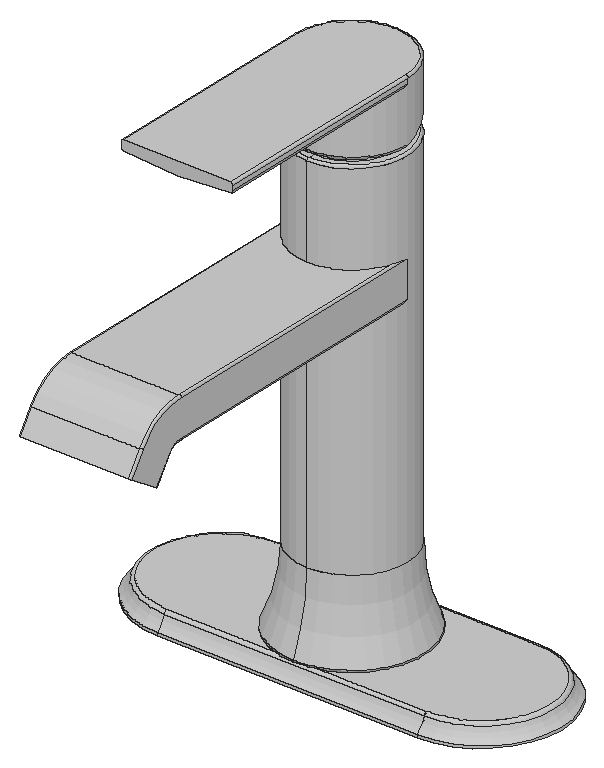
Revit family "Bathroom_Faucet-Moen-Genta-1H_Lav-6702", category Plumbing Fixtures, host Face, Revit 2020
Family settings
  Host = Face
  Round Connector Dimension = Use Radius
  Part Type = Normal
  OmniClass Number = 23.45.55.17
  OmniClass Title = Mixing Faucets
  Cut with Voids When Loaded = No
  Shared = No
  Room Calculation Point = No
Parameters (values of type "1H Lav - 6702")
  Width = 0' - 5 7/8"  # constant formula
  Waste Connection = yes
  WFU = 0
  Version = "2014 - v1.0a"  # constant formula
  Vent Connection = yes
  URL = "http://pro.moen.com/"
  Type Comments = ""
  Product data url = "https://bimobject.com/moen/product/moen-6702"
  Product Page URL = "http://pro.moen.com/genta/chrome-one-handle-bathroom-faucet/_/R-TPORTAL-ALL%3A6702"
  Product Documentation Link = "http://pro.moen.com/shared/docs/product-specifications/6702sp.pdf"
  Model = "6702"  # constant formula
  Material = ""
  Manufacturer Phone Number = "(800) 531-1600"  # constant formula
  Manufacturer Fax Number = "(800) 848-6636"  # constant formula
  Manufacturer Email = "mailto:moencustomerservicewholesaleUS@moen.com"
  Manufacturer Address = "U.S. Headquarters: Moen Incorporated 25300 Al Moen Dr., North Olmsted, Ohio 44070-8022"  # constant formula
  Manufacturer = "Moen"  # constant formula
  Hot Water Radius = 3/16"
  Hot Water Diameter = Hot Water Radius * 2  # 3/8"
  Height [instance] = if(Escutcheon Plate, 0' 7 7/16", 0' 7 5/32")  # 0' - 7 7/16"
  HWFU = 0
  HW Connection = yes
  Flow Rate = 1.20 GPM
  Finish = Metal - Moen - Chrome
  Escutcheon Plate [instance] = yes
  Escutcheon Height [instance] = if(Escutcheon Plate, 0' 0 1/4", 0' 0")  # 0' - 0 1/4"
  Domestic Water Flow Rate = Flow Rate  # 1.20 GPM
  Description = "Genta Chrome One-Handle Bathroom Faucet"  # constant formula
  Depth = 0' - 5 31/32"  # constant formula
  Default Elevation = 4' - 0"
  Copyright = "Moen Incorporated"  # constant formula
  Cold Water Radius = 3/16"
  Cold Water Diameter = Cold Water Radius * 2  # 3/8"
  CWFU = 0
  CW Connection = yes
  Assembly Code = "D2010900"
Reference planes (in)
  plane 1 "Center (Front/Back)": y = 0
  plane 2: z = 0
  plane 3 "Center (Left/Right)": x = 0
  plane 4 "Escutcheon Base Plane": z = 0
  plane 5 "Escutcheon Top Plane": z = 0.25
Forms (in)
  Sweep 1, solid, material "Metal - Moen - Chrome" <- "Finish", visible <- "Escutcheon Plate"
    path origin (0, -79.70833, 0) x (0, -1, 0) y (1, 0, 0)
      loop
        arc (-78.58333, 1.8125) -> (-79.70833, 2.9375) -> (-80.83333, 1.8125) r 1.125
        line (-80.83333, 1.8125) -> (-80.83333, -1.8125)
        arc (-80.83333, -1.8125) -> (-79.70833, -2.9375) -> (-78.58333, -1.8125) r 1.125
        line (-78.58333, -1.8125) -> (-78.58333, 1.8125)
    profile origin (0, -1.125, 0) x (0, -1, 0) y (0, 0, 1)
      loop
        line (-0.1771, 0.25) -> (-0.1771, 0) -> (0, 0) -> (0, 0.03451)
        arc (0, 0.03451) -> (-0.07367, 0.11434) -> (-0.12182, 0.21172) r 0.38089
        arc (-0.12182, 0.21172) -> (-0.14302, 0.24016) -> (-0.1771, 0.25) r 0.05562
  Extrusion 2, solid, material "Metal - Moen - Chrome" <- "Finish", visible <- "Escutcheon Plate"
    sketch origin (0, -79.70833, 0) x (0, -1, 0) y (1, 0, 0)
      loop
        line (-78.76043, -1.8125) -> (-78.76043, 1.8125)
        arc (-78.76043, 1.8125) -> (-79.70833, 2.7604) -> (-80.65623, 1.8125) r 0.9479
        line (-80.65623, 1.8125) -> (-80.65623, -1.8125)
        arc (-80.65623, -1.8125) -> (-79.70833, -2.7604) -> (-78.76043, -1.8125) r 0.9479
    from 0 to 0.25
  Revolve 3, solid, material "Metal - Moen - Chrome" <- "Finish"
    sketch origin (0, 0, 0) x (0, 1, 0) y (0, 0, 1)
      loop
        line (0, 0.25) -> (0, 6.747) -> (-0.42411, 6.747)
        arc (-0.42411, 6.747) -> (-0.58727, 6.65519) -> (-0.65602, 6.48105) r 0.27982
        line (-0.65602, 6.48105) -> (-0.65602, 6.4498) -> (-0.74875, 6.4498)
        arc (-0.74875, 6.4498) -> (-0.77085, 6.44065) -> (-0.78, 6.41855) r 0.03125
        line (-0.78, 6.41855) -> (-0.78, 1.337)
        arc (-0.78, 1.337) -> (-0.83908, 0.793) -> (-1.01358, 0.27437) r 2.53387
        arc (-1.01358, 0.27437) -> (-1.01122, 0.25592) -> (-0.99358, 0.25) r 0.01752
        line (-0.99358, 0.25) -> (0, 0.25)
      axis (0, 0.25) -> (0, 6.747)
    angle from 0 to 360
  Revolve 4, solid, material "Metal - Moen - Chrome"
    sketch origin (0, 0, 0) x (0, 1, 0) y (0, 0, 1)
      loop
        arc (-0.78, 6.56005) -> (-0.77085, 6.53795) -> (-0.74875, 6.5288) r 0.03125
        line (-0.74875, 6.5288) -> (0, 6.5288) -> (0, 7.41282) -> (-0.74875, 7.41282)
        arc (-0.74875, 7.41282) -> (-0.77085, 7.40367) -> (-0.78, 7.38157) r 0.03125
        line (-0.78, 7.38157) -> (-0.78, 6.56005)
      axis (0, 7.41282) -> (0, 6.5288)
    angle from 0 to 360
  Sweep 5, solid, material "Metal - Moen - Chrome"
    path origin (0, 0, 0) x (0, 1, 0) y (0, 0, 1)
      loop
        line (-3.04688, 7.41282) -> (0, 7.41282)
    profile origin (0, -1.52344, 7.41282) x (0, 0, 1) y (1, 0, 0)
      loop
        line (0, -0.74875) -> (0, 0.74875)
        arc (0, 0.74875) -> (-0.00915, 0.77085) -> (-0.03125, 0.78) r 0.03125
        line (-0.03125, 0.78) -> (-0.09831, 0.78)
        arc (-0.09831, 0.78) -> (-0.11864, 0.77249) -> (-0.12919, 0.75356) r 0.03125
        arc (-0.12919, 0.75356) -> (-0.1875, 0) -> (-0.12919, -0.75356) r 4.89845
        arc (-0.12919, -0.75356) -> (-0.11864, -0.77249) -> (-0.09831, -0.78) r 0.03125
        line (-0.09831, -0.78) -> (-0.03125, -0.78)
        arc (-0.03125, -0.78) -> (-0.00915, -0.77085) -> (0, -0.74875) r 0.03125
  Extrusion 6, void
    sketch origin (0, 0, 0) x (0, 1, 0) y (0, 0, 1)
      loop
        line (-0.26235, 6.4498) -> (0.9375, 6.4498) -> (0.9375, 6.91823) -> (-0.26235, 6.4498)
    from -1 to 1
  Sweep 7, solid, material "Metal - Moen - Chrome" <- "Finish"
    path origin (0, 0, 0) x (0, 1, 0) y (0, 0, 1)
      loop
        line (-4.5625, 4.3125) -> (-4.3695, 4.60409)
        arc (-4.3695, 4.60409) -> (-4.18922, 4.76857) -> (-3.95256, 4.82812) r 0.5
        line (-3.95256, 4.82812) -> (0, 4.82812)
    profile origin (0, -1.97628, 4.82812) x (0, 0, 1) y (1, 0, 0)
      loop
        arc (0.32812, 0.74875) -> (0.31897, 0.77085) -> (0.29687, 0.78) r 0.03125
        line (0.29687, 0.78) -> (-0.20974, 0.78)
        arc (-0.20974, 0.78) -> (-0.22913, 0.77325) -> (-0.24015, 0.75593) r 0.03125
        arc (-0.24015, 0.75593) -> (-0.32812, 0) -> (-0.24015, -0.75593) r 3.29167
        arc (-0.24015, -0.75593) -> (-0.22913, -0.77325) -> (-0.20974, -0.78) r 0.03125
        line (-0.20974, -0.78) -> (0.29687, -0.78)
        arc (0.29687, -0.78) -> (0.31897, -0.77085) -> (0.32813, -0.74875) r 0.03125
        line (0.32813, -0.74875) -> (0.32812, 0.74875)
Cuts and joins
  joined: Sweep 1, Extrusion 2
  Extrusion 6 cuts Revolve 4
  Extrusion 6 cuts Sweep 5
  joined: Revolve 4, Sweep 5
  joined: Revolve 3, Sweep 7
Lines and regions (in)
  Split face 1
    outline origin (0, -4.5625, 4.3125) x (0, 0.833886, -0.551937) y (1, 0, 0)
      loop
        line (-0.26562, 0.7175) -> (-0.26562, -0.7175) -> (0.1849, -0.7175)
        arc (0.1849, -0.7175) -> (0.26562, 0) -> (0.1849, 0.7175) r 3.22917
        line (0.1849, 0.7175) -> (-0.26562, 0.7175)
  Split face 2
    outline origin (0, 0, 0.25) x (-1, 0, 0) y (0, -1, 0)
      loop
        circle (0.5, 0) r 0.1875
  Split face 3
    outline origin (0, 0, 0.25) x (-1, 0, 0) y (0, -1, 0)
      loop
        circle (-0.5, 0) r 0.1875
  Masking region 1, visible <- "Escutcheon Plate", detail levels medium+fine
    outline origin (0, -79.70833, 0) x (0, -1, 0) y (1, 0, 0)
      loop
        line (-80.83333, 1.8125) -> (-80.83333, -1.8125)
        arc (-80.83333, -1.8125) -> (-79.70833, -2.9375) -> (-78.58333, -1.8125) r 1.125
        line (-78.58333, -1.8125) -> (-78.58333, 1.8125)
        arc (-78.58333, 1.8125) -> (-79.70833, 2.9375) -> (-80.83333, 1.8125) r 1.125
  Masking region 2, detail levels medium+fine
    outline origin (0, -79.70833, 0) x (0, -1, 0) y (1, 0, 0)
      loop
        arc (-79.09273, 0.7799) -> (-80.70191, -0.00002) -> (-79.09271, -0.77988) r 0.99358
        line (-79.09271, -0.77988) -> (-74.87239, -0.77988) -> (-74.87239, 0.7799) -> (-79.09273, 0.7799)
  Masking region 3, detail levels coarse
    outline origin (0, -79.70833, 0) x (0, -1, 0) y (1, 0, 0)
      loop
        arc (-80.83333, -1.8125) -> (-79.70833, -2.9375) -> (-78.58333, -1.8125) r 1.125
        line (-78.58333, -1.8125) -> (-78.58333, -0.77988) -> (-74.87239, -0.77988) -> (-74.87239, 0.7799) -> (-78.58333, 0.7799) -> (-78.58333, 1.8125)
        arc (-78.58333, 1.8125) -> (-79.70833, 2.9375) -> (-80.83333, 1.8125) r 1.125
        line (-80.83333, 1.8125) -> (-80.83333, -1.8125)
  symbolic lines, visible <- "Escutcheon Plate", detail levels fine
    curve 1: line (-1.8125, 0.95273, 0) -> (1.8125, 0.95273, 0)
    curve 2: arc (-1.8125, -0.95273, 0) -> (-2.76523, 0, 0) -> (-1.8125, 0.95273, 0) r 0.95273
    curve 3: arc (1.8125, 0.95273, 0) -> (2.76523, 0, 0) -> (1.8125, -0.95273, 0) r 0.95273
    curve 4: line (1.8125, -0.95273, 0) -> (-1.8125, -0.95273, 0)
  symbolic lines, detail levels fine
    curve 5: line (-0.77988, -0.61562, 0) -> (-0.77988, 0, 0)
    curve 6: line (0.7799, -0.6156, 0) -> (0.77988, 0, 0)
    curve 7: arc (0.77988, 0, 0) -> (0, 0.77988, 0) -> (-0.77988, 0, 0) r 0.77988
    curve 8: line (0.7799, -3.04688, 0) -> (-0.77988, -3.04688, 0)
Dimensions and locks (in)
  locked: plane 5 "Escutcheon Top Plane" to plane 4 "Escutcheon Base Plane" at 0.25
  "Escutcheon Height": plane 5 "Escutcheon Top Plane" to plane 2
  locked: profile plane to plane 1 "Center (Front/Back)" at 1.125
  Sweep 1 sketch curve to profile plane to Sweep 1 sketch curve to Sweep 1 sketch curve = 0' - 0.24021" locked, 0' - 0.17469" locked, 0' - 0.00241" locked
  Sweep 1 sketch curve to Sweep 1 sketch curve to plane 4 "Escutcheon Base Plane" = 0' - 0.13567" locked, 0' - 0.19443" locked
  locked: Sweep 5 sketch curve to plane 5 "Escutcheon Top Plane" at 7.16282
  locked: Sweep 5 sketch curve to plane 1 "Center (Front/Back)" at 3.04688
  Sweep 5 sketch curve to Sweep 5 sketch curve to Sweep 5 sketch curve to Sweep 5 sketch curve to Sweep 5 sketch curve to Sweep 5 sketch curve to plane 5 "Escutcheon Top Plane" = 0' - 4 91/128" locked, 0' - 0 1/32" locked, 0' - 0" locked, 0' - 0.06706" locked, 0' - 0" locked, 0' - 7.06451" locked
  Sweep 5 sketch curve to plane 3 "Center (Left/Right)" to Sweep 5 sketch curve = 0' - 0.78" locked, 0' - 0.78" locked
  locked: plane 1 "Center (Front/Back)" to Extrusion 6 sketch curve at 0.9375
  locked: Extrusion 6 sketch curve to Extrusion 6 sketch curve at 0.43636
  equal spacing: Extrusion 6, plane 3 "Center (Left/Right)", Extrusion 6, locked at 1 each
  Sweep 7 sketch curve to Sweep 7 sketch curve to Sweep 7 sketch curve to Sweep 7 sketch curve to Sweep 7 sketch curve to plane 5 "Escutcheon Top Plane" = 0' - 2.66667" locked, 0' - 0" locked, 0' - 0.50661" locked, 0' - 0" locked, 0' - 4.36839" locked
  Sweep 7 sketch curve to plane 3 "Center (Left/Right)" to Sweep 7 sketch curve = 0' - 0.78" locked, 0' - 0.78" locked
  Sweep 7 sketch curve to Sweep 7 sketch curve to Sweep 7 sketch curve to plane 1 "Center (Front/Back)" = 0' - 0.193" locked, 0' - 0.41694" locked, 0' - 3.95256" locked
  Sweep 7 sketch curve to Sweep 7 sketch curve to Sweep 7 sketch curve to plane 5 "Escutcheon Top Plane" = 0' - 0 1/2" locked, 0' - 0 1/64" locked, 0' - 4 1/16" locked
  Split face 1 sketch curve to Split face 1 sketch curve to plane 5 "Escutcheon Top Plane" = 0' - 1.48908" locked, 0' - 4.20911" locked
  equal spacing: Split face 1 sketch curve, plane 3 "Center (Left/Right)", Split face 1 sketch curve, locked at 0.7175 each
  Revolve 3 sketch curve to Revolve 3 sketch curve to Revolve 3 sketch curve to Revolve 3 sketch curve to Revolve 3 sketch curve to Revolve 3 sketch curve to plane 1 "Center (Front/Back)" = 0' - 2.31619" locked, 0' - 0.21768" locked, 0' - 0 1/32" locked, 0' - 0.09273" locked, 0' - 0.27965" locked, 0' - 0.37637" locked
  Revolve 3 sketch curve to Revolve 3 sketch curve to Revolve 3 sketch curve to Revolve 3 sketch curve to Revolve 3 sketch curve to Revolve 3 sketch curve to plane 5 "Escutcheon Top Plane" = 0' - 0.27572" locked, 0' - 0.02148" locked, 0' - 0 1/32" locked, 0' - 5.08155" locked, 0' - 1.06997" locked, 0' - 0.01703" locked
  plane 3 "Center (Left/Right)" to Split face 3 sketch curve to Split face 3 sketch curve = 0' - 0 1/2" locked, 0' - 0 3/16" locked
  Split face 2 sketch curve to Split face 2 sketch curve to plane 3 "Center (Left/Right)" = 0' - 0 3/16" locked, 0' - 0 1/2" locked
  Masking region 2 sketch curve to plane 1 "Center (Front/Back)" = 0' - 4 107/128"
  locked: Sweep 1 sketch curve to plane 3 "Center (Left/Right)" at 1.8125
  locked: plane 3 "Center (Left/Right)" to Sweep 1 sketch curve at 1.8125
  locked: Sweep 1 sketch curve to plane 3 "Center (Left/Right)" at 2.9375
  locked: plane 3 "Center (Left/Right)" to Sweep 1 sketch curve at 2.9375
  locked: plane 1 "Center (Front/Back)" to Sweep 1 sketch curve at 1.125
  locked: Sweep 1 sketch curve to plane 1 "Center (Front/Back)" at 1.125
  locked: Revolve 4 sketch curve to plane 1 "Center (Front/Back)" at 0.74875  (x2)
  locked: Revolve 4 sketch curve to plane 1 "Center (Front/Back)" at 0.78
  locked: Revolve 4 sketch curve to plane 5 "Escutcheon Top Plane" at 7.13157
  locked: Revolve 4 sketch curve to plane 5 "Escutcheon Top Plane" at 6.31005
  locked: Revolve 4 sketch curve to plane 5 "Escutcheon Top Plane" at 7.16282
  aligned and locked: plane 2 to host face
  aligned and locked: level to host face
  aligned and locked: profile plane to plane 4 "Escutcheon Base Plane"
  aligned and locked: plane 4 "Escutcheon Base Plane" to Sweep 1 sketch curve
  aligned and locked: Sweep 1 sketch curve to profile plane
  aligned and locked: Extrusion 2 sketch curve to Sweep 1  (x2)
  aligned and locked: Extrusion 2 to plane 4 "Escutcheon Base Plane"
  aligned and locked: plane 5 "Escutcheon Top Plane" to Extrusion 2
  aligned and locked: plane 5 "Escutcheon Top Plane" to Revolve 3 sketch curve
  aligned and locked: Revolve 3 sketch curve to plane 1 "Center (Front/Back)"  (x2)
  aligned and locked: plane 1 "Center (Front/Back)" to Revolve 4 sketch curve
  aligned and locked: Revolve 4 sketch curve to plane 1 "Center (Front/Back)"
  aligned and locked: plane 1 "Center (Front/Back)" to Sweep 5 sketch curve
  aligned and locked: profile plane to plane 3 "Center (Left/Right)"  (x2)
  aligned and locked: plane 3 "Center (Left/Right)" to Sweep 5 sketch curve
  aligned and locked: Revolve 3 to Extrusion 6 sketch curve
  aligned and locked: plane 1 "Center (Front/Back)" to Sweep 7 sketch curve
  aligned and locked: plane 3 "Center (Left/Right)" to Sweep 7 sketch curve
  aligned and locked: plane 3 "Center (Left/Right)" to Split face 1 sketch curve
  aligned and locked: plane 1 "Center (Front/Back)" to Split face 2 sketch curve
  aligned and locked: plane 1 "Center (Front/Back)" to Split face 3 sketch curve
  aligned and locked: Masking region 1 sketch curve to cut or joined group of Sweep 1, Extrusion 2  (x2)
  aligned and locked: curve 2 to cut or joined group of Sweep 1, Extrusion 2
  aligned and locked: curve 3 to cut or joined group of Sweep 1, Extrusion 2
  aligned and locked: curve 5 to Masking region 2
  aligned and locked: Masking region 2 to curve 6
  aligned and locked: plane 1 "Center (Front/Back)" to curve 7
  aligned and locked: plane 3 "Center (Left/Right)" to curve 7
  aligned and locked: Masking region 2 to curve 8  (x2)
  aligned and locked: cut or joined group of Revolve 4, Sweep 5, Extrusion 6 to curve 8
  aligned and locked: Masking region 3 sketch curve to Masking region 1  (x2)
  aligned and locked: Masking region 2 to Masking region 3 sketch curve
  aligned and locked: Masking region 3 sketch curve to Masking region 2  (x2)
Automatic sketch dimensions
  host sketch curve to host sketch curve = 8' - 0"  (x2)
  Sweep 1 sketch curve to Sweep 1 sketch curve = 0' - 0"
  plane 4 "Escutcheon Base Plane" to Sweep 1 sketch curve = 0' - 0.03451"
  Sweep 1 sketch curve to Sweep 1 sketch curve = 0' - 0.05557"
  Sweep 5 sketch curve to Sweep 5 sketch curve = 0' - 0 1/32"  (x2)
  Sweep 5 sketch curve to Sweep 5 sketch curve = 0' - 0"
  plane 1 "Center (Front/Back)" to Extrusion 6 sketch curve = 0' - 0.26235"
  Sweep 7 sketch curve to Sweep 7 sketch curve = 0' - 0 1/32"  (x2)
  Sweep 7 sketch curve to Sweep 7 sketch curve = 0' - 0"  (x2)
  Split face 1 sketch curve to cut or joined group of Revolve 3, Sweep 7 = 0' - 0 1/16"  (x2)
  Split face 1 sketch curve to Split face 1 sketch curve = 0' - 0"
  cut or joined group of Revolve 3, Sweep 7 to Split face 1 sketch curve = 0' - 2.63542"
  Split face 1 sketch curve to Split face 1 sketch curve = 0' - 0.45053"
  Revolve 3 sketch curve to Revolve 3 sketch curve = 0' - 0 1/32"
  Revolve 3 sketch curve to Revolve 3 sketch curve = 0' - 0"
  Revolve 3 sketch curve to level = 1' - 6"
  Revolve 3 sketch curve to Revolve 3 sketch curve = 0' - 11.253"
  plane 1 "Center (Front/Back)" to Masking region 2 sketch curve = 0' - 0"
  Masking region 2 sketch curve to plane 3 "Center (Left/Right)" = 0' - 0"
  plane 1 "Center (Front/Back)" to Masking region 2 sketch curve = 0' - 0.6156"
  plane 1 "Center (Front/Back)" to Masking region 2 sketch curve = 0' - 0.61562"
  Masking region 2 sketch curve to plane 3 "Center (Left/Right)" = 0' - 0.77988"
  curve 6 to curve 6 = 0' - 0.6156"
  curve 5 to curve 5 = 0' - 0.61562"
  Revolve 4 sketch curve to level = 1' - 6"
  Revolve 4 sketch curve to Revolve 4 sketch curve = 0' - 10.58718"
Connectors (in)
  piping at (0.5, 0, 0.25), diameter 0.375, driven by "Flow Rate", driven by "Cold Water Radius"
    settings: on cut or joined group of Revolve 3, Sweep 7, index 1, connector inside diameter 24", connector length 0' - 0", flow factor 0, pipe flow 1.20 GPM, pressure drop 0.00 psi, fitting loss kfactor 0, connector angle 0.00°, fixture units 0, engagement length 0' - 0", angle of deflection 0.00°, flow configuration 0, flow direction 1, fitting loss method 0, system type 20, joint type 0, gender type 0, connector reference index -1, connector utility 0, adjustable connector no, is connector primary yes, connector description "Cold Water Connection"
  piping at (-0.5, 0, 0.25), diameter 0.375, driven by "Flow Rate", driven by "Hot Water Radius"
    settings: on cut or joined group of Revolve 3, Sweep 7, index 2, connector inside diameter 24", connector length 0' - 0", flow factor 0, pipe flow 1.20 GPM, pressure drop 0.00 psi, fitting loss kfactor 0, connector angle 0.00°, fixture units 0, engagement length 0' - 0", angle of deflection 0.00°, flow configuration 0, flow direction 1, fitting loss method 0, system type 19, joint type 0, gender type 0, connector reference index -1, connector utility 0, adjustable connector no, is connector primary no, connector description "Hot Water Connection"
